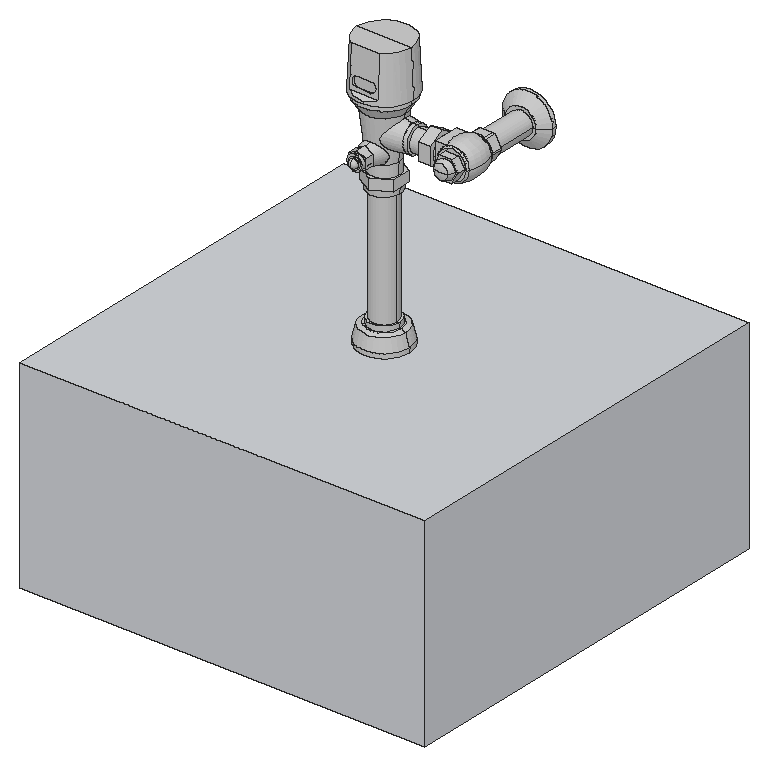
Revit family
Parameters
  Width = 0' - 10 1/4"
  Waste Connection = no
  WFU = 0
  Vent Connection = no
  Valve Type = "1” IPS Angle Stop (Vandal Resistant)"
  URL = "www.moencommercial.com"
  Type Comments = ""
  Sensor Type = "Infrared"
  Power Source = "Battery (4xAA)"
  Model = "8310DF16"
  Manufacturer = "Moen"
  Length = 0' - 7 1/2"
  Keynote = "15410"
  Height = 1' - 4 1/4"
  HWFU = 0
  HW Connection = no
  Flush Rate = "1.6 GPF"
  Finish = Moen-Chrome
  Domestic Water Flow Rate = 4 GPM
  Documentation Link = "http://www.moen.com/shared/docs/product-specifications/8310df16sp.pdf"
  Description = "1-1/2 “ Battery Powered Exposed Style"
  Default Elevation = 1' - 6"
  Cold Water Connection Diameter = 0' 1"  # 1"
  CWFU = 2.5
  Assembly Code = "D2010100"
  ADA Compliant = yes
Reference planes (in)
  plane 1 "Center (Front/Back)": y = 0
  plane 2: z = 0
  plane 3 "Center (Left/Right)": x = 0
  plane 4: z = 16.25
  plane 5 "Wall Line": y = 4.88
  plane 6 "AC Connection": x = -2.37109
Forms (in)
  Extrusion 1, solid
    sketch origin (0, 0, 0) x (1, 0, 0) y (0, 1, 0)
      loop
        line (-12, 12) -> (-12, -12) -> (12, -12) -> (12, 12) -> (-12, 12)
    from 0 to -12
Lines and regions (in)
  Masking region 1
    outline origin (0, 0, 0) x (1, 0, 0) y (0, 1, 0)
      loop
        arc (0.5, -1.67705) -> (1.11174, -1.35149) -> (1.54916, -0.81401) r 1.75
        line (1.54916, -0.81401) -> (1.72, -0.79) -> (2, -0.79) -> (2, -0.66115) -> (2.89, -0.66115) -> (2.89, -0.875) -> (3.6, -0.875) -> (3.6, -0.75034) -> (3.92882, -0.75034) -> (3.92882, -0.8) -> (4.06882, -0.8) -> (4.17016, -0.90134) -> (4.28713, -0.90134) -> (4.28713, -1.4) -> (4.4589, -1.4) -> (4.57894, -1.74034)
        arc (4.57894, -1.74034) -> (5.00882, -1.82) -> (5.4387, -1.74034) r 1.19971
        line (5.4387, -1.74034) -> (5.55873, -1.4) -> (5.73051, -1.4) -> (5.73051, -0.90134) -> (5.84748, -0.90134) -> (5.94882, -0.8)
        arc (5.94882, -0.8) -> (6.07875, 0) -> (5.94882, 0.8) r 2.5279
        line (5.94882, 0.8) -> (5.84748, 0.90134) -> (5.84748, 1.65) -> (5.69882, 1.65) -> (5.69882, 4.18) -> (5.89882, 4.18) -> (6.50882, 4.68) -> (6.50882, 4.88) -> (3.50882, 4.88) -> (3.50882, 4.68) -> (4.11882, 4.18) -> (4.31882, 4.18) -> (4.31882, 1.65) -> (4.17016, 1.65) -> (4.17016, 0.90134) -> (4.06882, 0.8) -> (3.92882, 0.8) -> (3.92882, 0.75034) -> (3.6, 0.75034) -> (3.6, 0.875) -> (2.89, 0.875) -> (2.89, 0.66115) -> (2, 0.66115) -> (2, 0.79) -> (1.72, 0.79) -> (1.54916, 0.81401)
        arc (1.54916, 0.81401) -> (-0.25137, 1.73185) -> (-1.71665, 0.34) r 1.75
        line (-1.71665, 0.34) -> (-2.03018, 0.34) -> (-2.03018, 4.16) -> (-1.86109, 4.16) -> (-1.86109, 4.63) -> (-0.99109, 4.71) -> (-0.99109, 4.88) -> (-2.37109, 4.88) -> (-3.75109, 4.88) -> (-3.75109, 4.71) -> (-2.88109, 4.63) -> (-2.88109, 4.16) -> (-2.71018, 4.16) -> (-2.71018, -0.34) -> (-1.71665, -0.34)
        arc (-1.71665, -0.34) -> (-1.29434, -1.17779) -> (-0.5, -1.67705) r 1.75
        line (-0.5, -1.67705) -> (-0.5, -2.02) -> (-0.45, -2.02) -> (-0.45, -2.19) -> (-0.32, -2.19) -> (-0.32, -2.26) -> (-0.23516, -2.26)
        arc (-0.23516, -2.26) -> (0, -2.49516) -> (0.23516, -2.26) r 0.23516
        line (0.23516, -2.26) -> (0.32, -2.26) -> (0.32, -2.19) -> (0.45, -2.19) -> (0.45, -2.02) -> (0.5, -2.02) -> (0.5, -1.67705)
  symbolic lines
    curve 1: arc (0.82755, -1.37317, 0) -> (0, 1.60326, 0) -> (-0.82755, -1.37317, 0) r 1.60326
    curve 2: line (-0.82755, -1.37317, 0) -> (0.82755, -1.37317, 0)
    curve 3: spline (0.5, -1.66469, 0) -> (0.41968, -1.68713, 0) -> (0.33773, -1.70562, 0) -> (0.25446, -1.72007, 0) -> (0.17019, -1.73043, 0) -> (0.08526, -1.73667, 0) -> (0, -1.73875, 0) -> (-0.08526, -1.73667, 0) -> (-0.17019, -1.73044, 0) -> (-0.25446, -1.72007, 0) -> (-0.33773, -1.70562, 0) -> (-0.41968, -1.68714, 0) -> (-0.5, -1.66469, 0)
    curve 4: line (-0.45, -2.02, 0) -> (0.45, -2.02, 0)
    curve 5: line (0.3164, -2.19, 0) -> (-0.32327, -2.19, 0)
    curve 6: line (2, -0.66, 0) -> (2, 0.66, 0)
    curve 7: line (2.89, 0.66, 0) -> (2.89, -0.66, 0)
    curve 8: line (3.6, -0.75, 0) -> (3.6, 0.75, 0)
    curve 9: line (4.28713, -1.4, 0) -> (5.73051, -1.4, 0)
    curve 10: line (4.31882, 4.18, 0) -> (5.69882, 4.18, 0)
    curve 11: line (6.50882, 4.68, 0) -> (3.50882, 4.68, 0)
    curve 12: line (5.69882, 1.65, 0) -> (4.31882, 1.65, 0)
    curve 13: line (5.94882, 0.8, 0) -> (4.06882, 0.8, 0)
    curve 14: line (5.94882, -0.8, 0) -> (4.06882, -0.8, 0)
    curve 15: arc (4.62803, 0.8, 0) -> (4.37107, 0, 0) -> (4.62803, -0.8, 0) r 1.37381
    curve 16: line (4.46149, -1.4, 0) -> (5.55331, -1.4, 0)
    curve 17: line (4.64797, -0.9, 0) -> (4.64797, -1.4, 0)
    curve 18: line (5.36966, -0.9, 0) -> (5.36966, -1.4, 0)
    curve 19: line (4.28713, -0.9, 0) -> (5.73051, -0.9, 0)
    curve 20: line (5.84882, 0.9, 0) -> (4.16882, 0.9, 0)
    curve 21: line (4.54844, 1.65, 0) -> (4.54844, 0.97, 0)
    curve 22: line (4.63053, 0.97, 0) -> (4.63053, 1.65, 0)
    curve 23: line (4.63053, 0.97, 0) -> (5.3871, 0.97, 0)
    curve 24: line (5.3871, 1.65, 0) -> (5.3871, 0.97, 0)
    curve 25: line (5.4692, 0.97, 0) -> (5.4692, 1.65, 0)
    curve 26: line (4.17016, 0.97, 0) -> (4.54844, 0.97, 0)
    curve 27: line (5.4692, 0.97, 0) -> (5.84748, 0.97, 0)
    curve 28: arc (1.54916, -0.81401, 0) -> (1.75, 0, 0) -> (1.54916, 0.81401, 0) r 1.75
    curve 29: line (0.86209, -1.5, 0) -> (-0.86209, -1.5, 0)
    curve 30: line (0.82755, -1.37317, 0) -> (0.86209, -1.5, 0)
    curve 31: line (-0.86209, -1.5, 0) -> (-0.82755, -1.37317, 0)
    curve 32: line (-0.23516, -2.26, 0) -> (0.24, -2.26, 0)
    curve 33: line (-2.03018, 0.34, 0) -> (-2.71018, -0.34, 0)
    curve 34: line (-2.03018, 0.63, 0) -> (-2.71018, 0.63, 0)
    curve 35: line (-2.71018, 4.16, 0) -> (-2.03018, 4.16, 0)
    curve 36: line (3.92882, 0.75034, 0) -> (3.92882, -0.75, 0)
    curve 37: line (5.4387, -1.74034, 0) -> (4.57894, -1.74034, 0)
    curve 38: line (-3.75109, 4.71, 0) -> (-0.99109, 4.71, 0)
    curve 39: line (-1.86109, 4.63, 0) -> (-2.88109, 4.63, 0)
Text (in)
  text "Height Parameter does not control Model geometry.  If you need to change the size of the model, select the correct model number." at (1.70246, 0, 22.99516), in view "Front"
Dimensions and locks (in)
  "Height": plane 4 to plane 2
  aligned and locked: plane 2 to Extrusion 1
  aligned and locked: level to Extrusion 1
  aligned and locked: plane 1 "Center (Front/Back)" to nested 3
  aligned: nested 2 to nested 3  (x2)
  aligned: nested 1 to plane 2
  aligned: nested 1 to nested 2  (x2)
Automatic sketch dimensions
  Extrusion 1 sketch curve to Extrusion 1 sketch curve = 2' - 0"  (x2)
  Masking region 1 sketch curve to Masking region 1 sketch curve = 0' - 0"  (x5)
  Masking region 1 sketch curve to plane 5 "Wall Line" = 0' - 0"  (x2)
  Masking region 1 sketch curve to plane 6 "AC Connection" = 0' - 0"
  Masking region 1 sketch curve to plane 3 "Center (Left/Right)" = 0' - 0"  (x2)
  plane 1 "Center (Front/Back)" to Masking region 1 sketch curve = 0' - 0"  (x2)
  Masking region 1 sketch curve to Masking region 1 sketch curve = 0' - 0.17091"
  Masking region 1 sketch curve to Masking region 1 sketch curve = 0' - 0.87"  (x2)
  Masking region 1 sketch curve to Masking region 1 sketch curve = 0' - 0.16909"
  plane 6 "AC Connection" to Masking region 1 sketch curve = 0' - 0.65444"
  Masking region 1 sketch curve to Masking region 1 sketch curve = 0' - 0.31353"
  Masking region 1 sketch curve to plane 5 "Wall Line" = 0' - 0.17"
  Masking region 1 sketch curve to plane 3 "Center (Left/Right)" = 0' - 0 1/2"
  Masking region 1 sketch curve to Masking region 1 sketch curve = 0' - 0.05"  (x2)
  Masking region 1 sketch curve to Masking region 1 sketch curve = 0' - 0.13"  (x2)
  Masking region 1 sketch curve to Masking region 1 sketch curve = 0' - 0.08484"  (x2)
  Masking region 1 sketch curve to Masking region 1 sketch curve = 0' - 1.04916"
  Masking region 1 sketch curve to plane 1 "Center (Front/Back)" = 0' - 0.81401"
  plane 1 "Center (Front/Back)" to Masking region 1 sketch curve = 0' - 0.79"
  Masking region 1 sketch curve to Masking region 1 sketch curve = 0' - 0.17084"  (x2)
  Masking region 1 sketch curve to Masking region 1 sketch curve = 0' - 0.28"  (x2)
  Masking region 1 sketch curve to Masking region 1 sketch curve = 0' - 0.89"  (x2)
  Masking region 1 sketch curve to plane 5 "Wall Line" = 0' - 0.2"  (x2)
  plane 3 "Center (Left/Right)" to Masking region 1 sketch curve = 0' - 3.50882"
  Masking region 1 sketch curve to Masking region 1 sketch curve = 0' - 0.66085"
  Masking region 1 sketch curve to Masking region 1 sketch curve = 0' - 0.71"  (x2)
  Masking region 1 sketch curve to Masking region 1 sketch curve = 0' - 0.32882"  (x2)
  Masking region 1 sketch curve to plane 1 "Center (Front/Back)" = 0' - 0.8"  (x2)
  Masking region 1 sketch curve to Masking region 1 sketch curve = 0' - 0.14"  (x2)
  plane 1 "Center (Front/Back)" to Masking region 1 sketch curve = 0' - 0.8"  (x2)
  Masking region 1 sketch curve to Masking region 1 sketch curve = 0' - 0.61"  (x2)
  Masking region 1 sketch curve to Masking region 1 sketch curve = 0' - 0.10134"  (x4)
  plane 1 "Center (Front/Back)" to Masking region 1 sketch curve = 0' - 0.90134"  (x2)
  Masking region 1 sketch curve to Masking region 1 sketch curve = 0' - 0.11697"  (x2)
  Masking region 1 sketch curve to Masking region 1 sketch curve = 0' - 0.2"  (x2)
  plane 1 "Center (Front/Back)" to Masking region 1 sketch curve = 0' - 1.4"  (x2)
  Masking region 1 sketch curve to Masking region 1 sketch curve = 0' - 0.17177"  (x2)
  Masking region 1 sketch curve to Masking region 1 sketch curve = 0' - 0.12003"  (x2)
  Masking region 1 sketch curve to Masking region 1 sketch curve = 0' - 0.72169"
  Masking region 1 sketch curve to Masking region 1 sketch curve = 0' - 0.85976"
  Masking region 1 sketch curve to Masking region 1 sketch curve = 0' - 1.38"
  Masking region 1 sketch curve to plane 1 "Center (Front/Back)" = 0' - 0.90134"
  Masking region 1 sketch curve to Masking region 1 sketch curve = 0' - 0.14866"
  Masking region 1 sketch curve to plane 5 "Wall Line" = 0' - 0.7"  (x2)
  Masking region 1 sketch curve to Masking region 1 sketch curve = 0' - 0.34034"
  Masking region 1 sketch curve to Masking region 1 sketch curve = 0' - 0.34295"  (x2)
  Masking region 1 sketch curve to Masking region 1 sketch curve = 0' - 0.17"  (x3)
  Masking region 1 sketch curve to Masking region 1 sketch curve = 0' - 0.07"
  plane 1 "Center (Front/Back)" to Masking region 1 sketch curve = 0' - 0 7/8"
  Masking region 1 sketch curve to Masking region 1 sketch curve = 0' - 0.12466"
  Masking region 1 sketch curve to Masking region 1 sketch curve = 0' - 0.21385"  (x2)
  plane 1 "Center (Front/Back)" to Masking region 1 sketch curve = 0' - 0.62029"
  Masking region 1 sketch curve to plane 1 "Center (Front/Back)" = 0' - 0.66115"
  Masking region 1 sketch curve to Masking region 1 sketch curve = 0' - 0.04966"
  Masking region 1 sketch curve to Masking region 1 sketch curve = 0' - 0.12885"
  Masking region 1 sketch curve to Masking region 1 sketch curve = 0' - 0.74866"  (x2)
  Masking region 1 sketch curve to plane 5 "Wall Line" = 0' - 0.72"
  Masking region 1 sketch curve to plane 5 "Wall Line" = 0' - 0 1/4"  (x2)
  Masking region 1 sketch curve to Masking region 1 sketch curve = 0' - 0.45084"
  Masking region 1 sketch curve to plane 6 "AC Connection" = 0' - 0.33909"
  Masking region 1 sketch curve to Masking region 1 sketch curve = 0' - 1.23"
  Masking region 1 sketch curve to Masking region 1 sketch curve = 0' - 0.47"
  Masking region 1 sketch curve to plane 1 "Center (Front/Back)" = 0' - 0.34"
  curve 1 to curve 28 = 0' - 0"  (x2)
  plane 1 "Center (Front/Back)" to curve 28 = 0' - 0"
  curve 28 to plane 3 "Center (Left/Right)" = 0' - 0"
  curve 3 to plane 3 "Center (Left/Right)" = 0' - 0"
  curve 32 to plane 3 "Center (Left/Right)" = 0' - 0.23516"
  curve 5 to curve 32 = 0' - 0.08811"
  curve 4 to curve 5 = 0' - 0.12673"
  curve 3 to curve 4 = 0' - 0.05"
  curve 1 to curve 3 = 0' - 0.32755"
  curve 29 to curve 2 = 0' - 0.03454"
  curve 38 to plane 5 "Wall Line" = 0' - 0.17"
  curve 38 to plane 3 "Center (Left/Right)" = 0' - 0.99109"
  curve 3 to curve 1 = 0' - 0.53784"
  curve 39 to plane 5 "Wall Line" = 0' - 0 1/4"
  plane 6 "AC Connection" to curve 39 = 0' - 0.51"
  plane 6 "AC Connection" to curve 33 = 0' - 0.34091"
  curve 34 to curve 33 = 0' - 0"
  plane 6 "AC Connection" to curve 35 = 0' - 0.34091"
  curve 33 to plane 6 "AC Connection" = 0' - 0.33909"
  curve 34 to plane 6 "AC Connection" = 0' - 0.33909"
  curve 35 to plane 6 "AC Connection" = 0' - 0.33909"
  curve 39 to curve 35 = 0' - 0.17091"
  curve 38 to curve 39 = 0' - 0.87"
  plane 3 "Center (Left/Right)" to curve 32 = 0' - 0.24"
  curve 32 to curve 5 = 0' - 0.0764"
  curve 5 to curve 4 = 0' - 0.1336"
  curve 4 to curve 3 = 0' - 0.05"
  curve 2 to curve 29 = 0' - 0.03454"
  plane 3 "Center (Left/Right)" to curve 28 = 0' - 1.54916"
  curve 2 to curve 28 = 0' - 0.72161"
  curve 28 to curve 6 = 0' - 0.45084"
  curve 6 to curve 7 = 0' - 0.89"
  curve 11 to plane 5 "Wall Line" = 0' - 0.2"
  plane 3 "Center (Left/Right)" to curve 11 = 0' - 3.50882"
  curve 7 to curve 8 = 0' - 0.71"
  curve 8 to curve 36 = 0' - 0.32882"
  curve 36 to curve 13 = 0' - 0.14"
  curve 36 to curve 14 = 0' - 0.14"
  curve 13 to curve 20 = 0' - 0.1"  (x2)
  curve 20 to curve 26 = 0' - 0.00134"
  curve 14 to curve 19 = 0' - 0.21831"
  curve 9 to curve 19 = 0' - 0"
  curve 11 to curve 10 = 0' - 0.81"
  curve 26 to curve 12 = 0' - 0.14866"
  curve 9 to curve 16 = 0' - 0.17436"
  curve 26 to curve 26 = 0' - 0.37829"
  curve 16 to curve 37 = 0' - 0.11745"
  curve 19 to curve 15 = 0' - 0.3409"
  curve 26 to curve 15 = 0' - 0.07959"
  curve 26 to curve 23 = 0' - 0.08209"
  curve 15 to curve 17 = 0' - 0.01995"
  curve 17 to curve 18 = 0' - 0.72169"
  curve 23 to curve 24 = 0' - 0.75657"
  curve 18 to curve 37 = 0' - 0.06904"
  curve 23 to curve 25 = 0' - 0.08209"
  curve 18 to curve 16 = 0' - 0.18365"
  curve 10 to curve 10 = 0' - 1.38"
  curve 25 to curve 12 = 0' - 0.22962"
  curve 16 to curve 9 = 0' - 0.17719"
  curve 18 to curve 19 = 0' - 0.36084"
  plane 1 "Center (Front/Back)" to curve 15 = 0' - 0"
  curve 19 to curve 15 = 0' - 0.01437"
  curve 25 to curve 27 = 0' - 0.37829"
  curve 27 to curve 20 = 0' - 0.00134"
  curve 20 to curve 13 = 0' - 0.1"
  curve 19 to curve 14 = 0' - 0.21831"
  curve 10 to curve 11 = 0' - 0.81"
  plane 1 "Center (Front/Back)" to curve 33 = 0' - 0.34"
  plane 1 "Center (Front/Back)" to curve 6 = 0' - 0.66"
  plane 1 "Center (Front/Back)" to curve 7 = 0' - 0.66"
  plane 1 "Center (Front/Back)" to curve 3 = 0' - 0.67257"
  curve 8 to curve 7 = 0' - 0.09"
  curve 8 to curve 36 = 0' - 0"
  plane 1 "Center (Front/Back)" to curve 14 = 0' - 0.8"
  curve 28 to curve 6 = 0' - 0.15401"
  curve 19 to curve 14 = 0' - 0.1"
  curve 2 to curve 3 = 0' - 0.7006"
  curve 16 to curve 19 = 0' - 0 1/2"
  curve 9 to curve 16 = 0' - 0"
  curve 29 to curve 2 = 0' - 0.12683"
  curve 3 to curve 29 = 0' - 0.16469"
  curve 37 to curve 17 = 0' - 0.34034"
  curve 4 to curve 3 = 0' - 0.35531"
  curve 5 to curve 4 = 0' - 0.17"
  curve 32 to curve 5 = 0' - 0.07"
  curve 33 to plane 1 "Center (Front/Back)" = 0' - 0.34"
  curve 33 to curve 34 = 0' - 0.29"
  curve 7 to plane 1 "Center (Front/Back)" = 0' - 0.66"
  curve 6 to curve 28 = 0' - 0.15401"
  curve 8 to curve 13 = 0' - 0.05"
  curve 36 to curve 13 = 0' - 0.04966"
  curve 15 to curve 21 = 0' - 0.17"
  curve 20 to curve 27 = 0' - 0.07"
  curve 26 to curve 21 = 0' - 0"
  curve 24 to curve 25 = 0' - 0"
  curve 26 to curve 22 = 0' - 0"
  curve 23 to curve 22 = 0' - 0"
  curve 27 to curve 12 = 0' - 0.68"
  curve 35 to curve 39 = 0' - 0.47"
  curve 10 to plane 5 "Wall Line" = 0' - 0.7"
Nested families (in)
  nested 1: "Vertical Piping - 1.5in" at (0, 0, 0), type "Vertical Piping - 1.5in"
    with Finish Moen-Chrome
  nested 2: "Flush Valve - AC" at (-0.00018, 0, 8.9), type "Flush Valve - AC"
  nested 3: "Supply Elbow - 1in" at (4.75882, 4.88, 11.5), type "Supply Elbow - 1in"
    with Finish Moen-Chrome
Connectors (in)
  piping at (4.75882, 5.14, 11.5), driven by "Domestic Water Flow Rate"
    settings: on nested 3, index 1
Definition of nested family "Vertical Piping - 1.5in"
  Parameters (values of type "Vertical Piping - 1.5in")
    Finish [instance] = Moen-Chrome
    Assembly Code = ""
  Reference planes (in)
    plane 1 "Center (Front/Back)": y = 0
    plane 2: z = 0
    plane 3 "Center (Left/Right)": x = 0
    plane 4 "Extents of Vertical Piping": z = 9
    plane 5 "Bottom of Nut": z = 8
    plane 6 "Top of Escutcheon": z = 1.1
    plane 7 "Straight Pipe Radius": x = -0.75
    plane 8 "Top Inner Depth": z = 8.44
  Forms (in)
    Revolve 1, solid, material "Moen-Chrome" <- "Finish"
      sketch origin (0, 0, 0) x (1, 0, 0) y (0, 0, 1)
        loop
          line (0, 0) -> (0, 9.25) -> (-1, 9.25) -> (-1, 8.875) -> (-0.94, 8.25) -> (-0.75, 8.25) -> (-0.75, 1.375) -> (-0.91163, 1.375) -> (-0.91163, 1.1) -> (-1.03, 1.1) -> (-1.3, 1) -> (-1.5, 0.25) -> (-1.5, 0) -> (0, 0)
        axis (0, 9.25) -> (0, 0)
      angle from 0 to 360
    Extrusion 2, solid, material "Moen-Chrome" <- "Finish"
      sketch origin (0, 0, 9) x (-1, 0, 0) y (0, -1, 0)
        loop
          line (-1, -0.57735) -> (0, -1.1547) -> (1, -0.57735) -> (1, 0.57735) -> (0, 1.1547) -> (-1, 0.57735) -> (-1, -0.57735)
      from 0.25 to -0.375
    Extrusion 3, void
      sketch origin (0, 0, 9) x (-1, 0, 0) y (0, -1, 0)
        loop
          circle (0, 0) r 0.88
      from 0.25 to -0.375
  Cuts and joins
    Extrusion 3 cuts Revolve 1
    Extrusion 3 cuts Extrusion 2
    joined: Revolve 1, Extrusion 2
  Dimensions and locks (in)
    plane 7 "Straight Pipe Radius" to plane 3 "Center (Left/Right)" = 0' - 0 3/4"
    cut or joined group of Revolve 1, Extrusion 2, Extrusion 3 to plane 2 = 0' - 9 1/4"
    locked: plane 4 "Extents of Vertical Piping" to plane 5 "Bottom of Nut" at 1
    plane 6 "Top of Escutcheon" to plane 2 = 0' - 1.1"
    locked: plane 3 "Center (Left/Right)" to Revolve 1 sketch curve at 1.5
    locked: plane 3 "Center (Left/Right)" to Revolve 1 sketch curve at 1
    plane 4 "Extents of Vertical Piping" to Revolve 1 sketch curve = 0' - 0 1/8"
    locked: plane 3 "Center (Left/Right)" to Revolve 1 sketch curve at 0.94
    locked: Revolve 1 sketch curve to plane 2 at 0.25
    locked: plane 6 "Top of Escutcheon" to Revolve 1 sketch curve at 0.1
    locked: plane 3 "Center (Left/Right)" to Revolve 1 sketch curve at 1.03
    locked: plane 3 "Center (Left/Right)" to Revolve 1 sketch curve at 1.3
    aligned and locked: plane 2 to Revolve 1 sketch curve
    aligned and locked: plane 3 "Center (Left/Right)" to Revolve 1 sketch curve
    aligned: plane 4 "Extents of Vertical Piping" to Revolve 1 sketch curve
    aligned and locked: plane 7 "Straight Pipe Radius" to Revolve 1 sketch curve
    aligned and locked: Revolve 1 sketch curve to plane 3 "Center (Left/Right)"
    aligned and locked: Revolve 1 sketch curve to plane 6 "Top of Escutcheon"
Definition of nested family "Flush Valve - AC"
  Parameters (values of type "Flush Valve - AC")
    Finish [instance] = Moen-Chrome
    Assembly Code = ""
  Reference planes (in)
    plane 1 "Center (Front/Back)": y = 0
    plane 2: z = 0
    plane 3 "Center (Left/Right)": x = 0
    plane 4 "Flush Vavle Height": z = 7.35
    plane 5 "Bottom of Sensor": z = 4.6
    plane 6 "To Supply Elbow": z = 2.85
    plane 7 "Center Nut": z = 1.87
    plane 8 "Sensor Center": z = 5.45
    plane 9 "Sensor Flat": y = -1.5
    plane 10 "Center Nut Front": y = -2.5
    plane 11 "Center Nut Back": y = 1.5
    plane 12 "AC Elbow Height": z = 6.74
    plane 13 "AC Elbow Centerline": x = -2.37
    plane 14: x = 3.46719
  Forms (in)
    Revolve 1, solid, material "Moen-Chrome" <- "Finish"
      sketch origin (0, 0, 0) x (1, 0, 0) y (0, 0, 1)
        loop
          line (0, -0.27344) -> (0, 7.35) -> (-1.60326, 7.35) -> (-1.74738, 4.6) -> (-1.63, 4.6) -> (-1.63, 4.3) -> (-1.22, 3.7) -> (-0.88, 1.02656) -> (-0.88, -0.27344) -> (0, -0.27344)
        axis (0, 7.35) -> (0, -0.27344)
      angle from 0 to 360
    Extrusion 2, void
      sketch origin (0, 0, 0) x (0, 1, 0) y (0, 0, 1)
        loop
          line (-1.75, 4.6) -> (-1.75, 4.73) -> (-1.5, 4.93) -> (-1.37317, 7.35) -> (-2, 7.35) -> (-2, 4.6) -> (-1.75, 4.6)
      from 1.5 to -1.5
    Extrusion 3, void
      sketch origin (0, 0, 0) x (1, 0, 0) y (0, 0, 1)
        loop
          arc (-0.4, 5.76) -> (-0.71, 5.45) -> (-0.4, 5.14) r 0.31
          line (-0.4, 5.14) -> (0.4, 5.14)
          arc (0.4, 5.14) -> (0.71, 5.45) -> (0.4, 5.76) r 0.31
          line (0.4, 5.76) -> (-0.4, 5.76)
      from 1.4 to 1.6
    Revolve 4, solid, material "Moen-Chrome" <- "Finish"
      sketch origin (0, 0, -0.25) x (1, 0, 0) y (0, 0, 1)
        loop
          line (0.5, 2.85) -> (0.5, 1.88854) -> (1.72, 2.06) -> (2, 2.06) -> (2, 2.19) -> (3.46719, 2.19) -> (3.46719, 2.85) -> (0.5, 2.85)
        axis (0.5, 2.85) -> (3.46719, 2.85)
      angle from 0 to 360
    Revolve 5, solid, material "Moen-Chrome" <- "Finish"
      sketch origin (0, 0, -0.25) x (0, 1, 0) y (0, 0, 1)
        loop
          arc (-2.5, 1.87) -> (-2.42971, 1.70029) -> (-2.26, 1.63) r 0.24
          line (-2.26, 1.63) -> (-2.26, 1.55) -> (-2.19, 1.55) -> (-2.19, 1.42) -> (-1.47, 1.42) -> (-1.47, 1.37) -> (-0.53699, 1.12) -> (0.46699, 1.12) -> (1.4, 1.37) -> (1.5, 1.37) -> (1.5, 1.87) -> (-2.5, 1.87)
        axis (1.5, 1.87) -> (-2.5, 1.87)
      angle from 0 to 360
    Extrusion 6, solid, material "Moen-Chrome" <- "Finish"
      sketch origin (0, -1.47, 1.62) x (-1, 0, 0) y (0, 0, -1)
        loop
          line (0.5, 0.28868) -> (0, 0.57735) -> (-0.5, 0.28868) -> (-0.5, -0.28868) -> (0, -0.57735) -> (0.5, -0.28868) -> (0.5, 0.28868)
      from 0 to 0.55
    Extrusion 7, solid, material "Moen-Chrome" <- "Finish"
      sketch origin (3.46719, 0, -0.25) x (0, 0, 1) y (0, -1, 0)
        loop
          line (2.34482, 0.875) -> (1.83964, 0) -> (2.34482, -0.875) -> (3.35518, -0.875) -> (3.86036, 0) -> (3.35518, 0.875) -> (2.34482, 0.875)
      from 0 to -0.71
    Extrusion 8, void
      sketch origin (3.46719, 0, 2.6) x (0, 0, 1) y (0, 1, 0)
        loop
          circle (0, 0) r 0.75
      from 0 to 0.591
  Cuts and joins
    Extrusion 2, Extrusion 3 cuts Revolve 1
    Extrusion 8 cuts Revolve 4
    Extrusion 8 cuts Extrusion 7
  Dimensions and locks (in)
    locked: plane 4 "Flush Vavle Height" to plane 2 at 7.35
    locked: plane 11 "Center Nut Back" to plane 1 "Center (Front/Back)" at 1.5
    locked: plane 10 "Center Nut Front" to plane 1 "Center (Front/Back)" at 2.5
    locked: plane 7 "Center Nut" to plane 2 at 1.87
    locked: plane 9 "Sensor Flat" to plane 1 "Center (Front/Back)" at 1.5
    plane 3 "Center (Left/Right)" to Revolve 1 sketch curve = 0' - 1.74738"
    locked: plane 3 "Center (Left/Right)" to Revolve 1 sketch curve at 0.88
    locked: plane 3 "Center (Left/Right)" to Revolve 1 sketch curve at 1.22
    locked: plane 3 "Center (Left/Right)" to Revolve 1 sketch curve at 1.63
    plane 5 "Bottom of Sensor" to Revolve 1 sketch curve = 0' - 0.3"
    locked: Revolve 1 sketch curve to plane 2 at 3.7
    Extrusion 2 sketch curve to plane 5 "Bottom of Sensor" = 0' - 0.33"
    Extrusion 2 sketch curve to plane 5 "Bottom of Sensor" = 0' - 0.13"
    locked: Extrusion 2 sketch curve to plane 9 "Sensor Flat" at 0.5
    locked: Extrusion 2 sketch curve to Extrusion 2 sketch curve at 0.25
    equal spacing: Extrusion 3 sketch curve, plane 3 "Center (Left/Right)", Extrusion 3 sketch curve, locked at 0.4 each
    locked: Extrusion 3 sketch curve to Extrusion 3 sketch curve at 0.8
    locked: plane 13 "AC Elbow Centerline" to plane 3 "Center (Left/Right)" at 2.37
    locked: plane 4 "Flush Vavle Height" to plane 12 "AC Elbow Height" at 0.61
    Revolve 1 sketch curve to plane 2 = 0' - 1.02656"
    locked: Revolve 4 sketch curve to Revolve 4 sketch curve at 0.79
    locked: Revolve 4 sketch curve to Revolve 4 sketch curve at 0.28
    radius of Extrusion 3 sketch curve = 0' - 0.31"  (x2)
    radius of Revolve 5 sketch curve = 0' - 0.24"
    locked: plane 5 "Bottom of Sensor" to Revolve 1 sketch curve (angle 87.00°)
    locked: plane 5 "Bottom of Sensor" to Extrusion 2 sketch curve (angle 87.00°)
    locked: Revolve 4 sketch curve to Revolve 4 sketch curve (angle 82.00°)
    aligned and locked: plane 3 "Center (Left/Right)" to Revolve 1 sketch curve
    aligned and locked: plane 4 "Flush Vavle Height" to Revolve 1 sketch curve
    aligned: plane 5 "Bottom of Sensor" to Revolve 1 sketch curve
    aligned and locked: Revolve 1 sketch curve to plane 3 "Center (Left/Right)"
    aligned and locked: cut or joined group of Revolve 1, Extrusion 2, Extrusion 3 to Extrusion 2 sketch curve
    aligned and locked: plane 4 "Flush Vavle Height" to Extrusion 2 sketch curve
    aligned: plane 5 "Bottom of Sensor" to Extrusion 2 sketch curve
Definition of nested family "Supply Elbow - 1in"
  Parameters (values of type "Supply Elbow - 1in")
    Finish [instance] = Moen-Chrome
  Reference planes (in)
    plane 1 "Center (Front/Back)": y = 0
    plane 2: z = 0
    plane 3 "Center (Left/Right)": x = 0
    plane 4 "Elbow Extents": y = -6.7
    plane 5 "90deg Centerline": y = -4.88
    plane 6 "Supply Connection": y = 0.26
    plane 7 "90deg Extents": x = -2
    plane 8 "Straight Pipe Radius": x = -0.69
    plane 9 "90deg Flat": x = -1.08
    plane 10 "90deg Revolve Start": y = -4.08
    plane 11 "90deg Revolve End": y = -5.68
    plane 12: z = 0.86
    plane 13: z = -0.86
  Forms (in)
    Revolve 1, solid, material "Moen-Chrome" <- "Finish"
      sketch origin (0, 0, 0) x (1, 0, 0) y (0, 1, 0)
        loop
          line (0, 0) -> (-1.5, 0) -> (-1.5, -0.2) -> (-0.89, -0.7) -> (-0.69, -0.7) -> (-0.69, -3.91) -> (-0.84, -3.91) -> (-0.84, -3.98) -> (-0.94, -4.08)
          arc (-0.94, -4.08) -> (-1.06874, -4.88) -> (-0.94, -5.68) r 2.55
          line (-0.94, -5.68) -> (-0.84, -5.78) -> (-0.55, -5.78) -> (-0.55, -6.28) -> (-0.42988, -6.62034)
          arc (-0.42988, -6.62034) -> (-0.2186, -6.67992) -> (0, -6.7) r 1.19971
          line (0, -6.7) -> (0, 0)
        axis (0, 0) -> (0, -6.7)
      angle from 0 to 360
    Extrusion 2, solid, material "Moen-Chrome" <- "Finish"
      sketch origin (-1.08, 0, 0) x (0, -1, 0) y (0, 0, 1)
        loop
          line (4.08, 0.86) -> (4.08, -0.86) -> (5.68, -0.86) -> (5.68, 0.86) -> (4.08, 0.86)
      from 0 to -1.08
    Extrusion 3, solid, material "Moen-Chrome" <- "Finish"
      sketch origin (-1.08, 0, 0) x (0, -1, 0) y (0, 0, 1)
        loop
          circle (4.88, 0) r 0.75
      from 0 to 0.92
    Extrusion 4, solid, material "Moen-Chrome" <- "Finish"
      sketch origin (0, 0, 0) x (1, 0, 0) y (0, 0, 1)
        loop
          circle (0, 0) r 0.69
      from 0 to -0.26
    Extrusion 5, solid, material "Moen-Chrome" <- "Finish"
      sketch origin (0, -5.78, 0) x (-1, 0, 0) y (0, 0, -1)
        loop
          line (0.36084, -0.625) -> (0.72169, 0) -> (0.36084, 0.625) -> (-0.36084, 0.625) -> (-0.72169, 0) -> (-0.36084, -0.625) -> (0.36084, -0.625)
      from 0 to 0.5
    Extrusion 6, solid, material "Moen-Chrome" <- "Finish"
      sketch origin (0, -3.91, 0) x (0, 0, -1) y (-1, 0, 0)
        loop
          line (-0.75, -0.43301) -> (0, -0.86603) -> (0.75, -0.43301) -> (0.75, 0.43301) -> (0, 0.86603) -> (-0.75, 0.43301) -> (-0.75, -0.43301)
      from 0 to 0.68
    Extrusion 7, void
      sketch origin (0, -3.91, 0) x (0, 0, 1) y (-1, 0, 0)
        loop
          line (-0.84, 0) -> (-1, 0)
          arc (-1, 0) -> (0, -1) -> (1, 0) r 1
          line (1, 0) -> (0.84, 0)
          arc (0.84, 0) -> (0, -0.84) -> (-0.84, 0) r 0.84
      from 0 to -0.68
    Extrusion 8, void
      sketch origin (0, -3.91, 0) x (0, 0, 1) y (-1, 0, 0)
        loop
          arc (-0.84, 0) -> (0, 0.84) -> (0.84, 0) r 0.84
          line (0.84, 0) -> (1, 0)
          arc (1, 0) -> (0, 1) -> (-1, 0) r 1
          line (-1, 0) -> (-0.84, 0)
      from 0 to -0.68
  Cuts and joins
    Extrusion 7, Extrusion 8 cuts Revolve 1
    Extrusion 7, Extrusion 8 cuts Extrusion 2
    Extrusion 7, Extrusion 8 cuts Extrusion 3
    Extrusion 7, Extrusion 8 cuts Extrusion 4
    Extrusion 7, Extrusion 8 cuts Extrusion 5
    Extrusion 7, Extrusion 8 cuts Extrusion 6
    joined: Revolve 1, Extrusion 2, Extrusion 3, Extrusion 4, Extrusion 5, Extrusion 6
  Dimensions and locks (in)
    locked: plane 6 "Supply Connection" to plane 1 "Center (Front/Back)" at 0.26
    locked: plane 7 "90deg Extents" to plane 3 "Center (Left/Right)" at 2
    locked: plane 5 "90deg Centerline" to plane 1 "Center (Front/Back)" at 4.88
    locked: plane 4 "Elbow Extents" to plane 1 "Center (Front/Back)" at 6.7
    locked: plane 8 "Straight Pipe Radius" to plane 3 "Center (Left/Right)" at 0.69
    locked: plane 9 "90deg Flat" to plane 3 "Center (Left/Right)" at 1.08
    locked: Revolve 1 sketch curve to plane 3 "Center (Left/Right)" at 1.5
    locked: Revolve 1 sketch curve to plane 3 "Center (Left/Right)" at 0.89
    locked: Revolve 1 sketch curve to plane 1 "Center (Front/Back)" at 0.2
    locked: Revolve 1 sketch curve to plane 1 "Center (Front/Back)" at 0.7
    locked: Revolve 1 sketch curve to plane 11 "90deg Revolve End" at 0.1
    locked: Revolve 1 sketch curve to Revolve 1 sketch curve at 0.5
    Revolve 1 sketch curve to plane 4 "Elbow Extents" = 0' - 0.42"
    locked: Revolve 1 sketch curve to plane 4 "Elbow Extents" at 0.07966
    locked: Revolve 1 sketch curve to plane 3 "Center (Left/Right)" at 0.42988
    locked: Revolve 1 sketch curve to plane 3 "Center (Left/Right)" at 0.55
    locked: Revolve 1 sketch curve to plane 3 "Center (Left/Right)" at 0.84  (x2)
    locked: Revolve 1 sketch curve to plane 3 "Center (Left/Right)" at 0.94  (x2)
    equal spacing: plane 12, plane 2, plane 13, locked at 0.86 each
    locked: plane 12 to plane 13 at 1.72
    equal spacing: plane 10 "90deg Revolve Start", plane 5 "90deg Centerline", plane 11 "90deg Revolve End", locked at 0.8 each
    locked: plane 10 "90deg Revolve Start" to plane 11 "90deg Revolve End" at 1.6
    locked: Revolve 1 sketch curve to plane 10 "90deg Revolve Start" at 0.1
    locked: Revolve 1 sketch curve to Revolve 1 sketch curve at 0.07
    radius of Revolve 1 sketch curve = 0' - 2.55"
    radius of Revolve 1 sketch curve = 0' - 1.19971"
    radius of Extrusion 4 sketch curve = 0' - 0.69"
    aligned and locked: plane 3 "Center (Left/Right)" to Revolve 1 sketch curve
    aligned and locked: Revolve 1 sketch curve to plane 1 "Center (Front/Back)"
    aligned and locked: plane 10 "90deg Revolve Start" to Revolve 1 sketch curve
    aligned and locked: plane 11 "90deg Revolve End" to Revolve 1 sketch curve
    aligned and locked: plane 4 "Elbow Extents" to Revolve 1 sketch curve
    aligned and locked: Revolve 1 sketch curve to plane 3 "Center (Left/Right)"
    aligned and locked: plane 10 "90deg Revolve Start" to Extrusion 2 sketch curve
    aligned and locked: Extrusion 2 sketch curve to plane 12
    aligned and locked: plane 13 to Extrusion 2 sketch curve
    aligned and locked: Extrusion 2 sketch curve to plane 11 "90deg Revolve End"
    aligned and locked: plane 3 "Center (Left/Right)" to Extrusion 2
    aligned and locked: Extrusion 3 to plane 7 "90deg Extents"
    aligned and locked: plane 6 "Supply Connection" to Extrusion 4
  Automatic sketch dimensions
    Revolve 1 sketch curve to plane 8 "Straight Pipe Radius" = 0' - 0"
    Revolve 1 sketch curve to Revolve 1 sketch curve = 0' - 0.3"
    plane 6 "Supply Connection" to Revolve 1 sketch curve = 0' - 0.24"
    Extrusion 3 sketch curve to level = 0' - 0"
    Extrusion 3 sketch curve to plane 5 "90deg Centerline" = 0' - 0"
    Extrusion 4 sketch curve to level = 0' - 0"
    Extrusion 4 sketch curve to plane 3 "Center (Left/Right)" = 0' - 0"
    Extrusion 5 sketch curve to Revolve 1 = 0' - 0"  (x2)
    Revolve 1 to Extrusion 5 sketch curve = 0' - 0 5/8"
    Extrusion 5 sketch curve to Extrusion 5 sketch curve = 0' - 0.36084"  (x3)
    Extrusion 5 sketch curve to Revolve 1 = 0' - 0 5/8"
    Extrusion 5 sketch curve to Extrusion 5 sketch curve = 0' - 0.72169"  (x2)
    Extrusion 6 sketch curve to Revolve 1 = 0' - 0"  (x2)
    Revolve 1 to Extrusion 6 sketch curve = 0' - 0 3/4"
    Extrusion 6 sketch curve to Revolve 1 = 0' - 0 3/4"
    Extrusion 6 sketch curve to Extrusion 6 sketch curve = 0' - 0.43301"  (x3)
    Extrusion 6 sketch curve to Extrusion 6 sketch curve = 0' - 0.86603"  (x2)
    Extrusion 7 sketch curve to Extrusion 7 sketch curve = 0' - 0"
    Extrusion 7 sketch curve to Extrusion 7 sketch curve = 0' - 0.16"
    Extrusion 8 sketch curve to Extrusion 8 sketch curve = 0' - 0"
    Extrusion 8 sketch curve to Extrusion 8 sketch curve = 0' - 0.16"
    radius of Extrusion 3 sketch curve = 0' - 0 3/4"
    radius of Extrusion 7 sketch curve to Revolve 1 = 0' - 0"
    radius of Extrusion 8 sketch curve to Revolve 1 = 0' - 0"
